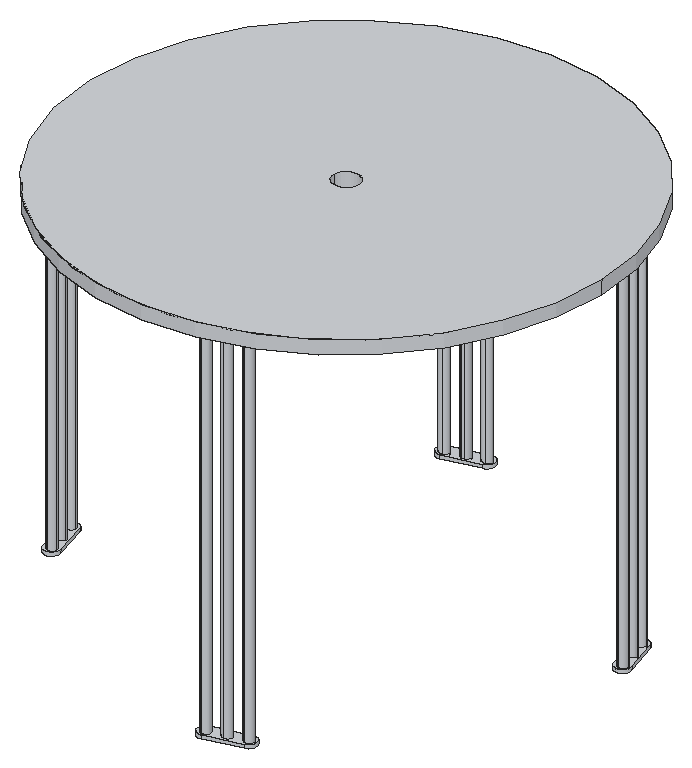
Revit family "XOCT-XOCTXBC4", category Furniture, Revit 2019 (continued)
Forms (in)
  Extrusion 59, solid, material <- "Finish", visible <- "XOCT-XBC4"
    sketch origin (14.77995, -49.83179, 0.08436) x (-0.001696, -0.999999, 0) y (0, 0, 1)
      loop
        arc (2.10195, 17.3622) -> (1.75329, 17.03397) -> (1.40464, 17.3622) r 0.34929
        line (1.40464, 17.3622) -> (0.68206, 17.3622)
        arc (0.68206, 17.3622) -> (0.33341, 17.03397) -> (-0.01525, 17.3622) r 0.34929
        line (-0.01525, 17.3622) -> (-0.72185, 17.3622)
        arc (-0.72185, 17.3622) -> (-1.0705, 17.03397) -> (-1.41916, 17.3622) r 0.34929
        line (-1.41916, 17.3622) -> (-2.14173, 17.3622)
        arc (-2.14173, 17.3622) -> (-2.49039, 17.03397) -> (-2.83904, 17.3622) r 0.34929
        line (-2.83904, 17.3622) -> (-3.55905, 17.3622)
        arc (-3.55905, 17.3622) -> (-3.9077, 17.03397) -> (-4.25636, 17.3622) r 0.34929
        line (-4.25636, 17.3622) -> (-4.97893, 17.3622)
        arc (-4.97893, 17.3622) -> (-5.32759, 17.03397) -> (-5.67624, 17.3622) r 0.34929
        line (-5.67624, 17.3622) -> (-6.39395, 17.3622)
        arc (-6.39395, 17.3622) -> (-6.46637, 17.1701) -> (-6.63357, 17.05097) r 0.35238
        arc (-6.63357, 17.05097) -> (-6.64439, 17.00745) -> (-6.61979, 16.96996) r 0.05596
        arc (-6.61979, 16.96996) -> (-5.78777, 16.5515) -> (-4.88364, 16.3281) r 4.17074
        arc (-4.88364, 16.3281) -> (-2.65402, 16.28709) -> (-0.42404, 16.29745) r 96.79933
        arc (-0.42404, 16.29745) -> (-0.36176, 16.35471) -> (-0.29948, 16.29746) r 0.0625
        arc (-0.29948, 16.29746) -> (1.91909, 16.28701) -> (4.13731, 16.32741) r 96.79933
        arc (4.13731, 16.32741) -> (5.0442, 16.55058) -> (5.8787, 16.96996) r 4.17074
      loop
        circle (1.0565, 16.82947) r 0.10934
      loop
        circle (-1.77901, 16.82947) r 0.10934
    from -6.75224 to -6.43744
  Extrusion 60, solid, material <- "Finish", visible <- "XOCT-XBC4"
    sketch origin (14.12496, -49.83068, 0.08436) x (-0.001696, -0.999999, 0) y (0, 0, 1)
      loop
        arc (5.8787, 16.96996) -> (5.9033, 17.00745) -> (5.89248, 17.05097) r 0.05596
        arc (5.89248, 17.05097) -> (5.72528, 17.1701) -> (5.65286, 17.3622) r 0.35238
        line (5.65286, 17.3622) -> (4.93914, 17.3622)
        arc (4.93914, 17.3622) -> (4.59049, 17.03397) -> (4.24184, 17.3622) r 0.34929
        line (4.24184, 17.3622) -> (3.51926, 17.3622)
        arc (3.51926, 17.3622) -> (3.17061, 17.03397) -> (2.82195, 17.3622) r 0.34929
        line (2.82195, 17.3622) -> (2.10195, 17.3622)
        arc (2.10195, 17.3622) -> (1.75329, 17.03397) -> (1.40464, 17.3622) r 0.34929
        line (1.40464, 17.3622) -> (0.68206, 17.3622)
        arc (0.68206, 17.3622) -> (0.33341, 17.03397) -> (-0.01525, 17.3622) r 0.34929
        line (-0.01525, 17.3622) -> (-0.72185, 17.3622)
        arc (-0.72185, 17.3622) -> (-1.0705, 17.03397) -> (-1.41916, 17.3622) r 0.34929
        line (-1.41916, 17.3622) -> (-2.14173, 17.3622)
        arc (-2.14173, 17.3622) -> (-2.49039, 17.03397) -> (-2.83904, 17.3622) r 0.34929
        line (-2.83904, 17.3622) -> (-3.55905, 17.3622)
        arc (-3.55905, 17.3622) -> (-3.9077, 17.03397) -> (-4.25636, 17.3622) r 0.34929
        line (-4.25636, 17.3622) -> (-4.97893, 17.3622)
        arc (-4.97893, 17.3622) -> (-5.32759, 17.03397) -> (-5.67624, 17.3622) r 0.34929
        line (-5.67624, 17.3622) -> (-6.39395, 17.3622)
        arc (-6.39395, 17.3622) -> (-6.46637, 17.1701) -> (-6.63357, 17.05097) r 0.35238
        arc (-6.63357, 17.05097) -> (-6.64439, 17.00745) -> (-6.61979, 16.96996) r 0.05596
        arc (-6.61979, 16.96996) -> (-5.78777, 16.5515) -> (-4.88364, 16.3281) r 4.17074
        arc (-4.88364, 16.3281) -> (-2.65402, 16.28709) -> (-0.42404, 16.29745) r 96.79933
        arc (-0.42404, 16.29745) -> (-0.36176, 16.35471) -> (-0.29948, 16.29746) r 0.0625
        arc (-0.29948, 16.29746) -> (1.91909, 16.28701) -> (4.13731, 16.32741) r 96.79933
        arc (4.13731, 16.32741) -> (5.0442, 16.55058) -> (5.8787, 16.96996) r 4.17074
      loop
        circle (1.0565, 16.82947) r 0.10934
      loop
        circle (-1.77901, 16.82947) r 0.10934
    from -6.75224 to -6.43744
  Extrusion 61, solid, material <- "Finish", visible <- "XOCT-XBC4"
    sketch origin (-10.18308, -14.74088, 0) x (0, 1, 0) y (-1, 0, 0)
      loop
        arc (-9.09301, -6.38209) -> (-8.5032, -6.94311) -> (-7.91339, -6.38209) r 0.59055
        line (-7.91339, -6.38209) -> (-7.91339, 6.3997)
        arc (-7.91339, 6.3997) -> (-8.5032, 6.96072) -> (-9.09301, 6.3997) r 0.59055
        line (-9.09301, 6.3997) -> (-9.09301, -6.38209)
      loop
        circle (-8.5032, 6.3764) r 0.35531
      loop
        circle (-8.5032, 4.97083) r 0.35531
      loop
        circle (-8.5032, 3.53733) r 0.35531
      loop
        circle (-8.5032, 2.13177) r 0.35531
      loop
        circle (-8.5032, 0.70714) r 0.35531
      loop
        circle (-8.5032, -6.35879) r 0.35531
      loop
        circle (-8.5032, -4.95322) r 0.35531
      loop
        circle (-8.5032, -3.51972) r 0.35531
      loop
        circle (-8.5032, -2.11416) r 0.35531
      loop
        circle (-8.5032, -0.68953) r 0.35531
    from 0 to 0.31496
  Extrusion 62, solid, material <- "Finish", visible <- "XOCT-XBC4"
    sketch origin (-10.54847, -14.74088, 0.08436) x (-1, 0, 0) y (0, 0, -1)
      loop
        arc (5.8787, -16.96996) -> (5.0442, -16.55058) -> (4.13731, -16.32741) r 4.17074
        arc (4.13731, -16.32741) -> (1.91909, -16.28701) -> (-0.29948, -16.29746) r 96.79933
        arc (-0.29948, -16.29746) -> (-0.36176, -16.35471) -> (-0.42404, -16.29745) r 0.0625
        arc (-0.42404, -16.29745) -> (-2.65402, -16.28709) -> (-4.88364, -16.3281) r 96.79933
        arc (-4.88364, -16.3281) -> (-5.78777, -16.5515) -> (-6.61979, -16.96996) r 4.17074
        arc (-6.61979, -16.96996) -> (-6.64439, -17.00745) -> (-6.63357, -17.05097) r 0.05596
        arc (-6.63357, -17.05097) -> (-6.46637, -17.1701) -> (-6.39395, -17.3622) r 0.35238
        line (-6.39395, -17.3622) -> (-5.67624, -17.3622)
        arc (-5.67624, -17.3622) -> (-5.32759, -17.03397) -> (-4.97893, -17.3622) r 0.34929
        line (-4.97893, -17.3622) -> (-4.25636, -17.3622)
        arc (-4.25636, -17.3622) -> (-3.9077, -17.03397) -> (-3.55905, -17.3622) r 0.34929
        line (-3.55905, -17.3622) -> (-2.83904, -17.3622)
        arc (-2.83904, -17.3622) -> (-2.49039, -17.03397) -> (-2.14173, -17.3622) r 0.34929
        line (-2.14173, -17.3622) -> (-1.41916, -17.3622)
        arc (-1.41916, -17.3622) -> (-1.0705, -17.03397) -> (-0.72185, -17.3622) r 0.34929
        line (-0.72185, -17.3622) -> (-0.01525, -17.3622)
        arc (-0.01525, -17.3622) -> (0.33341, -17.03397) -> (0.68206, -17.3622) r 0.34929
        line (0.68206, -17.3622) -> (1.40464, -17.3622)
        arc (1.40464, -17.3622) -> (1.75329, -17.03397) -> (2.10195, -17.3622) r 0.34929
        line (2.10195, -17.3622) -> (2.82195, -17.3622)
        arc (2.82195, -17.3622) -> (3.17061, -17.03397) -> (3.51926, -17.3622) r 0.34929
        line (3.51926, -17.3622) -> (4.24184, -17.3622)
        arc (4.24184, -17.3622) -> (4.59049, -17.03397) -> (4.93914, -17.3622) r 0.34929
        line (4.93914, -17.3622) -> (5.65286, -17.3622)
        arc (5.65286, -17.3622) -> (5.72528, -17.1701) -> (5.89248, -17.05097) r 0.35238
        arc (5.89248, -17.05097) -> (5.9033, -17.00745) -> (5.8787, -16.96996) r 0.05596
      loop
        circle (1.0565, -16.82947) r 0.10934
      loop
        circle (-1.77901, -16.82947) r 0.10934
    from -6.75224 to -6.43744
  Sweep 63, solid, material <- "Finish", visible <- "XOCT-XBC4"
    path origin (-12.79102, -14.74088, 0) x (0, 1, 0) y (0, 0, 1)
      loop
        line (-8.5032, 0) -> (-8.5032, 16.21875)
        arc (-8.5032, 16.21875) -> (-8.16018, 17.04687) -> (-7.33205, 17.3899) r 1.17115
        line (-7.33205, 17.3899) -> (7.33205, 17.3899)
        arc (7.33205, 17.3899) -> (8.16018, 17.04687) -> (8.5032, 16.21875) r 1.17115
        line (8.5032, 16.21875) -> (8.5032, 0)
    profile origin (-12.79102, -23.24408, 8.10937) x (0, -1, 0) y (1, 0, 0)
      loop
        circle (0, 9) r 0.35531
  Sweep 64, solid, material <- "Finish", visible <- "XOCT-XBC4"
    path origin (-14.21592, -14.74088, 0) x (0, 1, 0) y (0, 0, 1)
      loop
        line (-8.5032, 0) -> (-8.5032, 16.21875)
        arc (-8.5032, 16.21875) -> (-8.16018, 17.04687) -> (-7.33205, 17.3899) r 1.17115
        line (-7.33205, 17.3899) -> (7.33205, 17.3899)
        arc (7.33205, 17.3899) -> (8.16018, 17.04687) -> (8.5032, 16.21875) r 1.17115
        line (8.5032, 16.21875) -> (8.5032, 0)
    profile origin (-14.21592, -23.24408, 8.10937) x (0, -1, 0) y (1, 0, 0)
      loop
        circle (0, 9) r 0.35531
  Sweep 65, solid, material <- "Finish", visible <- "XOCT-XBC4"
    path origin (-15.63758, -14.74088, 0) x (0, 1, 0) y (0, 0, 1)
      loop
        line (-8.5032, 0) -> (-8.5032, 16.21875)
        arc (-8.5032, 16.21875) -> (-8.16018, 17.04687) -> (-7.33205, 17.3899) r 1.17115
        line (-7.33205, 17.3899) -> (7.33205, 17.3899)
        arc (7.33205, 17.3899) -> (8.16018, 17.04687) -> (8.5032, 16.21875) r 1.17115
        line (8.5032, 16.21875) -> (8.5032, 0)
    profile origin (-15.63758, -23.24408, 8.10937) x (0, -1, 0) y (1, 0, 0)
      loop
        circle (0, 9) r 0.35531
  Sweep 66, solid, material <- "Finish", visible <- "XOCT-XBC4"
    path origin (-17.05472, -14.74088, 0) x (0, 1, 0) y (0, 0, 1)
      loop
        line (-8.5032, 0) -> (-8.5032, 16.21875)
        arc (-8.5032, 16.21875) -> (-8.16018, 17.04687) -> (-7.33205, 17.3899) r 1.17115
        line (-7.33205, 17.3899) -> (7.33205, 17.3899)
        arc (7.33205, 17.3899) -> (8.16018, 17.04687) -> (8.5032, 16.21875) r 1.17115
        line (8.5032, 16.21875) -> (8.5032, 0)
    profile origin (-17.05472, -23.24408, 8.10937) x (0, -1, 0) y (1, 0, 0)
      loop
        circle (0, 9) r 0.35531
  Sweep 67, solid, material <- "Finish", visible <- "XOCT-XBC4"
    path origin (-7.55948, -14.74088, 0) x (0, 1, 0) y (0, 0, -1)
      loop
        line (-8.5032, 0) -> (-8.5032, -16.21875)
        arc (-8.5032, -16.21875) -> (-8.16018, -17.04687) -> (-7.33205, -17.3899) r 1.17115
        line (-7.33205, -17.3899) -> (7.33205, -17.3899)
        arc (7.33205, -17.3899) -> (8.16018, -17.04687) -> (8.5032, -16.21875) r 1.17115
        line (8.5032, -16.21875) -> (8.5032, 0)
    profile origin (-7.55948, -23.24408, 8.10937) x (0, 1, 0) y (-1, 0, 0)
      loop
        circle (0, 9) r 0.35531
  Sweep 68, solid, material <- "Finish", visible <- "XOCT-XBC4"
    path origin (-6.15391, -14.74088, 0) x (0, 1, 0) y (0, 0, -1)
      loop
        line (-8.5032, 0) -> (-8.5032, -16.21875)
        arc (-8.5032, -16.21875) -> (-8.16018, -17.04687) -> (-7.33205, -17.3899) r 1.17115
        line (-7.33205, -17.3899) -> (7.33205, -17.3899)
        arc (7.33205, -17.3899) -> (8.16018, -17.04687) -> (8.5032, -16.21875) r 1.17115
        line (8.5032, -16.21875) -> (8.5032, 0)
    profile origin (-6.15391, -23.24408, 8.10937) x (0, 1, 0) y (-1, 0, 0)
      loop
        circle (0, 9) r 0.35531
  Sweep 69, solid, material <- "Finish", visible <- "XOCT-XBC4"
    path origin (-4.72041, -14.74088, 0) x (0, 1, 0) y (0, 0, -1)
      loop
        line (-8.5032, 0) -> (-8.5032, -16.21875)
        arc (-8.5032, -16.21875) -> (-8.16018, -17.04687) -> (-7.33205, -17.3899) r 1.17115
        line (-7.33205, -17.3899) -> (7.33205, -17.3899)
        arc (7.33205, -17.3899) -> (8.16018, -17.04687) -> (8.5032, -16.21875) r 1.17115
        line (8.5032, -16.21875) -> (8.5032, 0)
    profile origin (-4.72041, -23.24408, 8.10937) x (0, 1, 0) y (-1, 0, 0)
      loop
        circle (0, 9) r 0.35531
  Sweep 70, solid, material <- "Finish", visible <- "XOCT-XBC4"
    path origin (-3.31485, -14.74088, 0) x (0, 1, 0) y (0, 0, -1)
      loop
        line (-8.5032, 0) -> (-8.5032, -16.21875)
        arc (-8.5032, -16.21875) -> (-8.16018, -17.04687) -> (-7.33205, -17.3899) r 1.17115
        line (-7.33205, -17.3899) -> (7.33205, -17.3899)
        arc (7.33205, -17.3899) -> (8.16018, -17.04687) -> (8.5032, -16.21875) r 1.17115
        line (8.5032, -16.21875) -> (8.5032, 0)
    profile origin (-3.31485, -23.24408, 8.10937) x (0, 1, 0) y (-1, 0, 0)
      loop
        circle (0, 9) r 0.35531
  Sweep 71, solid, material <- "Finish", visible <- "XOCT-XBC4"
    path origin (-1.89022, -14.74088, 0) x (0, 1, 0) y (0, 0, -1)
      loop
        line (-8.5032, 0) -> (-8.5032, -16.21875)
        arc (-8.5032, -16.21875) -> (-8.16018, -17.04687) -> (-7.33205, -17.3899) r 1.17115
        line (-7.33205, -17.3899) -> (7.33205, -17.3899)
        arc (7.33205, -17.3899) -> (8.16018, -17.04687) -> (8.5032, -16.21875) r 1.17115
        line (8.5032, -16.21875) -> (8.5032, 0)
    profile origin (-1.89022, -23.24408, 8.10937) x (0, 1, 0) y (-1, 0, 0)
      loop
        circle (0, 9) r 0.35531
  Extrusion 72, solid, material <- "Finish", visible <- "XOCT-XBC4"
    sketch origin (-10.18308, -14.7412, 0) x (0, -1, 0) y (1, 0, 0)
      loop
        line (-9.09301, 6.38209) -> (-9.09301, -6.3997)
        arc (-9.09301, -6.3997) -> (-8.5032, -6.96072) -> (-7.91339, -6.3997) r 0.59055
        line (-7.91339, -6.3997) -> (-7.91339, 6.38209)
        arc (-7.91339, 6.38209) -> (-8.5032, 6.94311) -> (-9.09301, 6.38209) r 0.59055
      loop
        circle (-8.5032, -6.3764) r 0.35531
      loop
        circle (-8.5032, -4.97083) r 0.35531
      loop
        circle (-8.5032, -3.53733) r 0.35531
      loop
        circle (-8.5032, -2.13177) r 0.35531
      loop
        circle (-8.5032, -0.70714) r 0.35531
      loop
        circle (-8.5032, 6.35879) r 0.35531
      loop
        circle (-8.5032, 4.95322) r 0.35531
      loop
        circle (-8.5032, 3.51972) r 0.35531
      loop
        circle (-8.5032, 2.11416) r 0.35531
      loop
        circle (-8.5032, 0.68953) r 0.35531
    from 0 to 0.31496
  Sweep 73, solid, material <- "Finish", visible <- "XOCT-XBC4"
    path origin (-18.47935, -14.74088, 0) x (0, 1, 0) y (0, 0, 1)
      loop
        line (-8.5032, 0) -> (-8.5032, 16.21875)
        arc (-8.5032, 16.21875) -> (-8.16018, 17.04687) -> (-7.33205, 17.3899) r 1.17115
        line (-7.33205, 17.3899) -> (7.33205, 17.3899)
        arc (7.33205, 17.3899) -> (8.16018, 17.04687) -> (8.5032, 16.21875) r 1.17115
        line (8.5032, 16.21875) -> (8.5032, 0)
    profile origin (-18.47935, -23.24408, 8.10937) x (0, -1, 0) y (1, 0, 0)
      loop
        circle (0, 9) r 0.35531
  Extrusion 74, solid, material <- "Finish", visible <- "XOCT-XBC4"
    sketch origin (0.0327, -39.2738, 0) x (0, 1, 0) y (-1, 0, 0)
      loop
        line (15.43991, 3.83369) -> (15.43991, -0.89383) -> (15.75983, -0.81284)
        arc (15.75983, -0.81284) -> (16.27499, -0.92732) -> (16.49746, -1.40586) r 0.5962
        line (16.49746, -1.40586) -> (16.61953, 3.83369)
        arc (16.61953, 3.83369) -> (16.02972, 3.27267) -> (15.43991, 3.83369) r 0.59055
    from 0 to 0.23622
  Extrusion 75, solid, material <- "Finish", visible <- "XOCT-XBC4"
    sketch origin (-10.54847, -15.39587, 0.08436) x (-1, 0, 0) y (0, 0, -1)
      loop
        arc (5.8787, -16.96996) -> (5.0442, -16.55058) -> (4.13731, -16.32741) r 4.17074
        arc (4.13731, -16.32741) -> (1.91909, -16.28701) -> (-0.29948, -16.29746) r 96.79933
        arc (-0.29948, -16.29746) -> (-0.36176, -16.35471) -> (-0.42404, -16.29745) r 0.0625
        arc (-0.42404, -16.29745) -> (-2.65402, -16.28709) -> (-4.88364, -16.3281) r 96.79933
        arc (-4.88364, -16.3281) -> (-5.78777, -16.5515) -> (-6.61979, -16.96996) r 4.17074
        arc (-6.61979, -16.96996) -> (-6.64439, -17.00745) -> (-6.63357, -17.05097) r 0.05596
        arc (-6.63357, -17.05097) -> (-6.46637, -17.1701) -> (-6.39395, -17.3622) r 0.35238
        line (-6.39395, -17.3622) -> (-5.67624, -17.3622)
        arc (-5.67624, -17.3622) -> (-5.32759, -17.03397) -> (-4.97893, -17.3622) r 0.34929
        line (-4.97893, -17.3622) -> (-4.25636, -17.3622)
        arc (-4.25636, -17.3622) -> (-3.9077, -17.03397) -> (-3.55905, -17.3622) r 0.34929
        line (-3.55905, -17.3622) -> (-2.83904, -17.3622)
        arc (-2.83904, -17.3622) -> (-2.49039, -17.03397) -> (-2.14173, -17.3622) r 0.34929
        line (-2.14173, -17.3622) -> (-1.41916, -17.3622)
        arc (-1.41916, -17.3622) -> (-1.0705, -17.03397) -> (-0.72185, -17.3622) r 0.34929
        line (-0.72185, -17.3622) -> (-0.01525, -17.3622)
        arc (-0.01525, -17.3622) -> (0.33341, -17.03397) -> (0.68206, -17.3622) r 0.34929
        line (0.68206, -17.3622) -> (1.40464, -17.3622)
        arc (1.40464, -17.3622) -> (1.75329, -17.03397) -> (2.10195, -17.3622) r 0.34929
        line (2.10195, -17.3622) -> (2.82195, -17.3622)
        arc (2.82195, -17.3622) -> (3.17061, -17.03397) -> (3.51926, -17.3622) r 0.34929
        line (3.51926, -17.3622) -> (4.24184, -17.3622)
        arc (4.24184, -17.3622) -> (4.59049, -17.03397) -> (4.93914, -17.3622) r 0.34929
        line (4.93914, -17.3622) -> (5.65286, -17.3622)
        arc (5.65286, -17.3622) -> (5.72528, -17.1701) -> (5.89248, -17.05097) r 0.35238
        arc (5.89248, -17.05097) -> (5.9033, -17.00745) -> (5.8787, -16.96996) r 0.05596
      loop
        circle (1.0565, -16.82947) r 0.10934
      loop
        circle (-1.77901, -16.82947) r 0.10934
    from -6.75224 to -6.43744
  Extrusion 76, solid, material <- "Finish", visible <- "XOCT-XBC4"
    sketch origin (-10.54848, -14.75164, 0.08436) x (-0.999999, 0.001696, 0) y (0, 0, 1)
      loop
        arc (5.8787, 16.96996) -> (5.9033, 17.00745) -> (5.89248, 17.05097) r 0.05596
        arc (5.89248, 17.05097) -> (5.72528, 17.1701) -> (5.65286, 17.3622) r 0.35238
        line (5.65286, 17.3622) -> (4.93914, 17.3622)
        arc (4.93914, 17.3622) -> (4.59049, 17.03397) -> (4.24184, 17.3622) r 0.34929
        line (4.24184, 17.3622) -> (3.51926, 17.3622)
        arc (3.51926, 17.3622) -> (3.17061, 17.03397) -> (2.82195, 17.3622) r 0.34929
        line (2.82195, 17.3622) -> (2.10195, 17.3622)
        arc (2.10195, 17.3622) -> (1.75329, 17.03397) -> (1.40464, 17.3622) r 0.34929
        line (1.40464, 17.3622) -> (0.68206, 17.3622)
        arc (0.68206, 17.3622) -> (0.33341, 17.03397) -> (-0.01525, 17.3622) r 0.34929
        line (-0.01525, 17.3622) -> (-0.72185, 17.3622)
        arc (-0.72185, 17.3622) -> (-1.0705, 17.03397) -> (-1.41916, 17.3622) r 0.34929
        line (-1.41916, 17.3622) -> (-2.14173, 17.3622)
        arc (-2.14173, 17.3622) -> (-2.49039, 17.03397) -> (-2.83904, 17.3622) r 0.34929
        line (-2.83904, 17.3622) -> (-3.55905, 17.3622)
        arc (-3.55905, 17.3622) -> (-3.9077, 17.03397) -> (-4.25636, 17.3622) r 0.34929
        line (-4.25636, 17.3622) -> (-4.97893, 17.3622)
        arc (-4.97893, 17.3622) -> (-5.32759, 17.03397) -> (-5.67624, 17.3622) r 0.34929
        line (-5.67624, 17.3622) -> (-6.39395, 17.3622)
        arc (-6.39395, 17.3622) -> (-6.46637, 17.1701) -> (-6.63357, 17.05097) r 0.35238
        arc (-6.63357, 17.05097) -> (-6.64439, 17.00745) -> (-6.61979, 16.96996) r 0.05596
        arc (-6.61979, 16.96996) -> (-5.78777, 16.5515) -> (-4.88364, 16.3281) r 4.17074
        arc (-4.88364, 16.3281) -> (-2.65402, 16.28709) -> (-0.42404, 16.29745) r 96.79933
        arc (-0.42404, 16.29745) -> (-0.36176, 16.35471) -> (-0.29948, 16.29746) r 0.0625
        arc (-0.29948, 16.29746) -> (1.91909, 16.28701) -> (4.13731, 16.32741) r 96.79933
        arc (4.13731, 16.32741) -> (5.0442, 16.55058) -> (5.8787, 16.96996) r 4.17074
      loop
        circle (1.0565, 16.82947) r 0.10934
      loop
        circle (-1.77901, 16.82947) r 0.10934
    from -6.75224 to -6.43744
  Extrusion 77, solid, material <- "Finish", visible <- "XOCT-XBC4"
    sketch origin (-10.54737, -14.09665, 0.08436) x (-0.999999, 0.001696, 0) y (0, 0, 1)
      loop
        arc (5.8787, 16.96996) -> (5.9033, 17.00745) -> (5.89248, 17.05097) r 0.05596
        arc (5.89248, 17.05097) -> (5.72528, 17.1701) -> (5.65286, 17.3622) r 0.35238
        line (5.65286, 17.3622) -> (4.93914, 17.3622)
        arc (4.93914, 17.3622) -> (4.59049, 17.03397) -> (4.24184, 17.3622) r 0.34929
        line (4.24184, 17.3622) -> (3.51926, 17.3622)
        arc (3.51926, 17.3622) -> (3.17061, 17.03397) -> (2.82195, 17.3622) r 0.34929
        line (2.82195, 17.3622) -> (2.10195, 17.3622)
        arc (2.10195, 17.3622) -> (1.75329, 17.03397) -> (1.40464, 17.3622) r 0.34929
        line (1.40464, 17.3622) -> (0.68206, 17.3622)
        arc (0.68206, 17.3622) -> (0.33341, 17.03397) -> (-0.01525, 17.3622) r 0.34929
        line (-0.01525, 17.3622) -> (-0.72185, 17.3622)
        arc (-0.72185, 17.3622) -> (-1.0705, 17.03397) -> (-1.41916, 17.3622) r 0.34929
        line (-1.41916, 17.3622) -> (-2.14173, 17.3622)
        arc (-2.14173, 17.3622) -> (-2.49039, 17.03397) -> (-2.83904, 17.3622) r 0.34929
        line (-2.83904, 17.3622) -> (-3.55905, 17.3622)
        arc (-3.55905, 17.3622) -> (-3.9077, 17.03397) -> (-4.25636, 17.3622) r 0.34929
        line (-4.25636, 17.3622) -> (-4.97893, 17.3622)
        arc (-4.97893, 17.3622) -> (-5.32759, 17.03397) -> (-5.67624, 17.3622) r 0.34929
        line (-5.67624, 17.3622) -> (-6.39395, 17.3622)
        arc (-6.39395, 17.3622) -> (-6.46637, 17.1701) -> (-6.63357, 17.05097) r 0.35238
        arc (-6.63357, 17.05097) -> (-6.64439, 17.00745) -> (-6.61979, 16.96996) r 0.05596
        arc (-6.61979, 16.96996) -> (-5.78777, 16.5515) -> (-4.88364, 16.3281) r 4.17074
        arc (-4.88364, 16.3281) -> (-2.65402, 16.28709) -> (-0.42404, 16.29745) r 96.79933
        arc (-0.42404, 16.29745) -> (-0.36176, 16.35471) -> (-0.29948, 16.29746) r 0.0625
        arc (-0.29948, 16.29746) -> (1.91909, 16.28701) -> (4.13731, 16.32741) r 96.79933
        arc (4.13731, 16.32741) -> (5.0442, 16.55058) -> (5.8787, 16.96996) r 4.17074
      loop
        circle (1.0565, 16.82947) r 0.10934
      loop
        circle (-1.77901, 16.82947) r 0.10934
    from -6.75224 to -6.43744
Dimensions and locks (in)
  aligned and locked: level to plane 2
Types (3): name | XOCT-XBC4 | Model
  (no name) | no | "XOCT"
  XOCT | no | "XOCT"
  XOCT-XBC4 | yes | "XOCT-XBC4"
